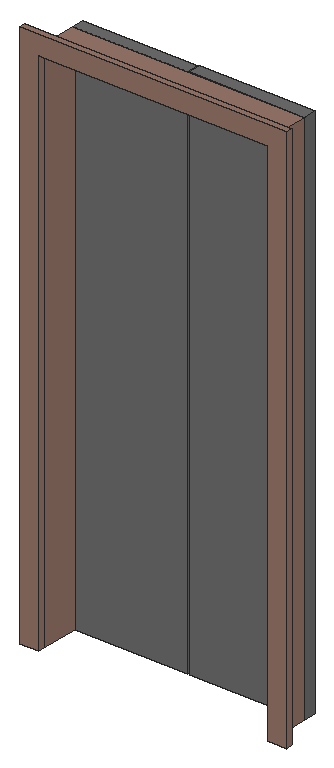
Revit family "Elevator Door-Center", category Specialty Equipment, host Wall, Revit 2021
Family settings
  Host = Wall
  Round Connector Dimension = Use Diameter
  Part Type = Normal
  Always vertical = Yes
  Cut with Voids When Loaded = No
  Shared = No
  Room Calculation Point = No
Parameters (values of type "36" x 84"")
  Default Elevation = 0' - 0"
  Assembly Code = "D1010"
  Door Finish = Elevator Door
  Door Height = 7' - 0"
  Door Width = 3' - 0"
  Frame Finish = Door - Frame
  Trim Projection = 0' - 1"
  Trim Width = 0' - 3"
Types (6): name | Assembly Code | Door Height | Door Width | Trim Projection | Trim Width
  (no name) | "D1010" | 7' - 0" | 3' - 0" | 0' - 1" | 0' - 3"
  48" x 84" | "D1010" | 7' - 0" | 4' - 0" | 0' - 1" | 0' - 3"
  36" x 84" | "D1010" | 7' - 0" | 3' - 0" | 0' - 1" | 0' - 3"
  32" x 84" | "D1010" | 7' - 0" | 2' - 8" | 0' - 1" | 0' - 3"
  42" x 84" | "D1010" | 7' - 0" | 3' - 6" | 0' - 1" | 0' - 3"
  900 x 2100mm | 0' - 0" | 6' - 10 87/128" | 2' - 11 55/128" | 0' - 0 63/64" | 0' - 2 61/64"
Reference planes (in)
  plane 1: y = 0
  plane 2: x = -3.90298
  plane 3: y = 3
  plane 4: z = 85
  plane 5: x = 14.34702
  plane 6: x = -22.15298
  plane 7: x = -21.90298
  plane 8: x = 14.09702
  plane 9: z = 84
  plane 10: y = 5
Forms (in)
  Extrusion 1, solid, material "Elevator Door" <- "Door Finish"
    sketch origin (0, 3, 0) x (1, 0, 0) y (0, 0, 1)
      loop
        line (14.34702, 85) -> (-3.77798, 85) -> (-3.77798, 0) -> (14.34702, 0) -> (14.34702, 85)
    from 0 to -2
  Extrusion 2, solid, material "Elevator Door" <- "Door Finish"
    sketch origin (0, 3, 0) x (1, 0, 0) y (0, 0, 1)
      loop
        line (-22.15298, 85) -> (-22.15298, 0) -> (-4.02798, 0) -> (-4.02798, 85) -> (-22.15298, 85)
    from 0 to -2
  Extrusion 3, solid, material "Door - Frame" <- "Frame Finish"
    sketch origin (-60, -3, 0) x (1, 0, 0) y (0, 0, 1)
      loop
        line (38.09702, 0) -> (38.09702, 84) -> (74.09702, 84) -> (74.09702, 0) -> (77.09702, 0) -> (77.09702, 87) -> (35.09702, 87) -> (35.09702, 0) -> (38.09702, 0)
    from 0 to 1
  Extrusion 4, solid, material "Door - Frame" <- "Frame Finish"
    sketch origin (-60, -3, 0) x (1, 0, 0) y (0, 0, 1)
      loop
        line (38.09702, 0) -> (38.09702, 84) -> (74.09702, 84) -> (74.09702, 0) -> (74.34702, 0) -> (74.34702, 85) -> (37.84702, 85) -> (37.84702, 0) -> (38.09702, 0)
    from 0 to -6
Lines and regions (in)
  Opening 1
    outline origin (-60, -3, 0) x (1, 0, 0) y (0, 0, 1)
      loop
        line (74.34702, 0) -> (74.34702, 85) -> (37.84702, 85) -> (37.84702, 0) -> (74.34702, 0)
Text (in)
  text "Elevator Car" at (0, 15.94897, 48.75768), in view "Right"
  text "Elevator Cab" at (0, 47.49176, 52.40297), in view "Left"
Dimensions and locks (in)
  equal spacing: plane 7, plane 2, plane 8
  locked: plane 6 to plane 7 at 0.25
  locked: plane 8 to plane 5 at 0.25
  "Door Width": plane 7 to plane 8
  "Door Height": plane 9 to level
  locked: plane 4 to plane 9 at 1
  "Trim Projection": Extrusion 3 to host wall
  "Trim Width": Extrusion 3 sketch curve to plane 7
  "Trim Width": plane 8 to Extrusion 3 sketch curve
  "Trim Width": Extrusion 3 sketch curve to plane 9
  locked: plane 3 to plane 10 at 2
  aligned and locked: plane 3 to host wall
  aligned and locked: Extrusion 4 to plane 3
  aligned and locked: Extrusion 2 to plane 10
  aligned and locked: Extrusion 1 to Extrusion 2
Automatic sketch dimensions
  Opening 1 sketch curve to level = 0' - 0"
  Opening 1 sketch curve to plane 6 = 0' - 0"
  Opening 1 sketch curve to plane 4 = 0' - 0"
  Opening 1 sketch curve to plane 5 = 0' - 0"
  Extrusion 3 sketch curve to level = 0' - 0"  (x2)
  Extrusion 3 sketch curve to plane 7 = 0' - 0"
  Extrusion 3 sketch curve to plane 8 = 0' - 0"
  Extrusion 3 sketch curve to plane 9 = 0' - 0"
  Extrusion 4 sketch curve to level = 0' - 0"  (x2)
  Extrusion 4 sketch curve to plane 6 = 0' - 0"
  Extrusion 4 sketch curve to plane 7 = 0' - 0"
  Extrusion 4 sketch curve to plane 8 = 0' - 0"
  Extrusion 4 sketch curve to plane 4 = 0' - 0"
  Extrusion 4 sketch curve to plane 5 = 0' - 0"
  Extrusion 4 sketch curve to plane 9 = 0' - 0"
  Extrusion 2 sketch curve to level = 0' - 0"
  Extrusion 2 sketch curve to plane 6 = 0' - 0"
  Extrusion 2 sketch curve to plane 4 = 0' - 0"
  Extrusion 2 sketch curve to plane 2 = 0' - 0 1/8"
  Extrusion 1 sketch curve to plane 4 = 0' - 0"
  Extrusion 1 sketch curve to level = 0' - 0"
  Extrusion 1 sketch curve to plane 5 = 0' - 0"
  plane 2 to Extrusion 1 sketch curve = 0' - 0 1/8"
